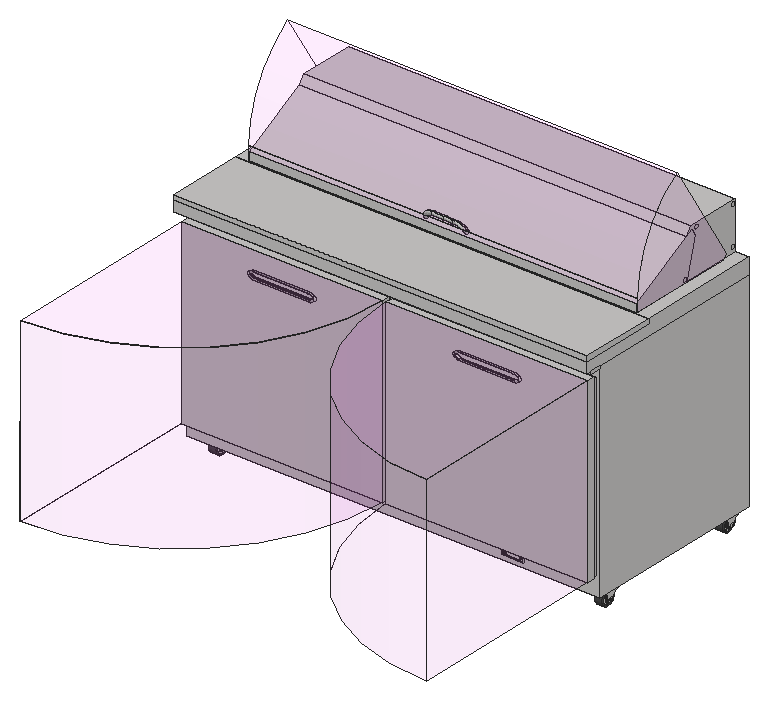
Revit family "QF_Kelvinator_738257_KCHST60.16", category Specialty Equipment, Revit 2021
Family settings
  Round Connector Dimension = Use Diameter
  Part Type = Normal
  Work Plane-Based = No
  Always vertical = Yes
  Cut with Voids When Loaded = No
  Shared = No
  Room Calculation Point = No
Parameters
  Weight in Pounds = 260.145
  Weight = 118.00 lbm
  Watts = 0 W
  Volts = 115 V
  URL Manufacturer = "KELVINATOR"
  URL Cutsheet = ""
  URL = "KELVINATOR"
  Specification by User = ""
  Specification by Manufacturer = ""
  Show Clearance [instance] = yes
  Serial Number = ""
  Seismic Rating = ""
  SMACNA No = ""
  Revision Code = ""
  Refrigerant Type = "R290"
  Phase = 1
  Number of Poles = 1
  NAFEM Spec ID Number = ""
  Model = "KCHST60.16"
  Min Ckt Ampacity = 0 A
  Max Overcurrent Protection = 0 A
  Masterspec = ""
  Manufacturer = "Kelvinator"
  Length Actual = 1555"
  Length = 61 1/4"
  Item Number = "738257"
  Installed By = ""
  Identify Quantity as Lot = yes
  Height Actual = 1100"
  Height = 43 5/16"
  HP = "1 HP"
  Gas KW = 0
  Furnished By = ""
  Foodservice Equipment Identifier = yes
  FL Amps = 4.3 A
  Electrical Remarks = ""
  Electric Connection Type = ""
  Elec Conn RI Height = 0"
  Elec Conn Connection Height = 0"
  Description = "2-DOOR SANDWICH/SALAD PREP TABLE 61\" LONG 16-1/6 PAN"
  Depth Actual = 760"
  Depth = 29 15/16"
  Default Elevation = 0"
  Cycle = 60 Hz
  Conn Plug = "5-15P"
  Conn Conduit = yes
  CSI MasterFormat = ""
  Apparent Power = 0 VA
  Accessory = no
Reference planes (in)
  plane 1 "BACK": y = 0
  plane 2: z = 0
  plane 3 "LEFT": x = 0
  plane 4 "RIGHT": x = 61.25
  plane 5 "FRONT": y = -29.9375
  plane 6 "TOP": z = 43.3125
  plane 7 "Center Y": x = 30.625
  plane 8 "Center X": y = -14.96875
Dimensions and locks (in)
  equal spacing: plane 3 "LEFT", plane 7 "Center Y", plane 4 "RIGHT"
  "Length": plane 3 "LEFT" to plane 4 "RIGHT"
  equal spacing: plane 5 "FRONT", plane 8 "Center X", plane 1 "BACK"
  "Depth": plane 5 "FRONT" to plane 1 "BACK"
  "Height": plane 6 "TOP" to level
  aligned and locked: level to plane 2
Nested families (in)
  nested 1: "KCHST" at (0, 0, 0), Show Clearance <- "Show Clearance", type "KCHST"
    with Show Clearance yes
Connectors (in)
  electrical at (30.595, -0.87772, 2.31881), driven by "Volts", driven by "Watts"
    settings: on nested 1, index 1, voltage 115 V, apparent load 0 VA, apparent load phase1 0 VA, apparent load phase2 0 VA, apparent load phase3 0 VA, power factor 1, load classification "Power", number of poles 1, system type 30, power factor state 1, is connector primary yes, connector utility no, sub classification motor no, connector description "Electrical Connection"
Definition of nested family "KCHST"
  Parameters (values of type "KCHST")
    Weight in Pounds = 0
    URL Cutsheet = ""
    Specification by User = ""
    Specification by Manufacturer = ""
    Show Clearance [instance] = yes
    Serial Number = ""
    Seismic Rating = ""
    SMACNA No = ""
    Revision Code = ""
    NAFEM Spec ID Number = ""
    Masterspec = ""
    Length = 61.22"
    Item Number = ""
    Installed By = ""
    Identify Quantity as Lot = yes
    Height = 43 5/16"
    Furnished By = ""
    Foodservice Equipment Identifier = yes
    Depth = 29.921"
    Default Elevation = 0"
    CSI MasterFormat = ""
  Reference planes (in)
    plane 1 "BACK": y = 0
    plane 2: z = 0
    plane 3 "LEFT": x = 0
    plane 4 "RIGHT": x = 61.22
    plane 5 "FRONT": y = -29.921
    plane 6 "TOP": z = 43.3125
    plane 7 "Center Y": x = 30.61
    plane 8 "Center X": y = -14.9605
    plane 9: z = 3.1
    plane 10: z = 33.9
    plane 11: y = -18.5
    plane 12: z = 36.2
    plane 13: y = -55.93472
    plane 14: y = -29.2
    plane 15: z = 32.4
    plane 16: z = 5.6
    plane 17: y = -27.5
    plane 18: x = 59.22
    plane 19: x = 2
    plane 20: x = 15.42351
    plane 21: x = 45.82976
    plane 22: x = 59.345
    plane 23: x = 1.875
    plane 24: x = 1.945
    plane 25: x = 59.275
    plane 26: x = 0.5
    plane 27: x = 60.72
    plane 28: x = 1.75
    plane 29: x = 59.47
  Forms (in)
    Extrusion 1, solid
      sketch origin (0, 0, 0) x (0, 1, 0) y (0, 0, 1)
        loop
          line (-27.5, 33.9) -> (-27.5, 3.1) -> (0, 3.1) -> (0, 33.9) -> (-27.5, 33.9)
      from 0 to 61.22
    Extrusion 2, solid
      sketch origin (0, 0, 0) x (0, 1, 0) y (0, 0, 1)
        loop
          line (-18.5, 36.2) -> (-18.5, 35.45) -> (-29.921, 35.45) -> (-29.921, 33.9) -> (0, 33.9) -> (0, 36.2) -> (-18.5, 36.2)
      from 0 to 61.22
    Extrusion 3, solid
      sketch origin (0, 0, 0) x (0, 1, 0) y (0, 0, 1)
        loop
          line (-29.921, 36.2) -> (-29.921, 35.45) -> (-18.5, 35.45) -> (-18.5, 36.2) -> (-29.921, 36.2)
      from 0 to 61.22
    Extrusion 4, solid
      sketch origin (0, 0, 0) x (0, 1, 0) y (0, 0, 1)
        loop
          line (-18.25, 36.2) -> (-9.64835, 36.2003)
          arc (-9.64835, 36.2003) -> (-9.30801, 36.30019) -> (-9.06407, 36.55768) r 0.68096
          line (-9.06407, 36.55768) -> (-7.6646, 41.90557) -> (-8.09711, 42.719) -> (-18.25, 37.32061) -> (-18.25, 36.2)
      from 1.875 to 59.345
    Extrusion 5, solid
      sketch origin (0, 0, 0) x (0, 1, 0) y (0, 0, 1)
        loop
          line (-9.64834, 36.2) -> (0, 36.2) -> (0, 43.3125) -> (-8.24175, 43.3125) -> (-8.9896, 42.24445) -> (-8.09711, 42.719) -> (-7.6646, 41.90557) -> (-9.06407, 36.55768)
          arc (-9.06407, 36.55768) -> (-9.30801, 36.30019) -> (-9.64834, 36.2) r 0.68096
      from 1.945 to 59.275
    Extrusion 6, solid
      sketch origin (59.345, 0, 0) x (0, 1, 0) y (0, 0, 1)
        loop
          circle (-9.51178, 36.72547) r 0.25
      from 0 to 0.07437
    Extrusion 7, solid
      sketch origin (59.275, -0.03482, 0) x (0, 1, 0) y (0, 0, 1)
        loop
          circle (-0.51178, 37.22547) r 0.25
      from 0 to 0.07
    Extrusion 8, solid
      sketch origin (59.275, -0.03482, 0) x (0, 1, 0) y (0, 0, 1)
        loop
          circle (-0.51178, 42.85047) r 0.25
      from 0 to 0.07
    Extrusion 9, solid
      sketch origin (59.275, -0.03482, 0) x (0, 1, 0) y (0, 0, 1)
        loop
          circle (-7.26178, 42.85047) r 0.25
      from 0 to 0.07
    Extrusion 10, solid
      sketch origin (1.875, 0, 0) x (0, -1, 0) y (0, 0, 1)
        loop
          circle (9.51178, 36.72547) r 0.25
      from 0 to 0.07437
    Extrusion 11, solid
      sketch origin (1.945, 0, 0) x (0, -1, 0) y (0, 0, 1)
        loop
          circle (0.5466, 37.22547) r 0.25
      from 0 to 0.07
    Extrusion 12, solid
      sketch origin (1.945, 0, 0) x (0, -1, 0) y (0, 0, 1)
        loop
          circle (0.5466, 42.85047) r 0.25
      from 0 to 0.07
    Extrusion 13, solid
      sketch origin (1.945, 0, 0) x (0, -1, 0) y (0, 0, 1)
        loop
          circle (7.2966, 42.85047) r 0.25
      from 0 to 0.07
    Sweep 14, solid
      path origin (0, 15.38088, 12.95025) x (1, 0, 0) y (0, -0.469472, 0.882948)
        loop
          line (28.2975, 37.02813) -> (28.2975, 37.18438)
          arc (28.2975, 37.18438) -> (28.51717, 37.71471) -> (29.0475, 37.93438) r 0.75
          line (29.0475, 37.93438) -> (30.9225, 37.93438) -> (32.1725, 37.93438)
          arc (32.1725, 37.93438) -> (32.70283, 37.71471) -> (32.9225, 37.18438) r 0.75
          line (32.9225, 37.18438) -> (32.9225, 37.02813)
      profile origin (31.5475, -2.42823, 46.44432) x (0, -0.469472, 0.882948) y (0, -0.882948, -0.469472)
        loop
          circle (0.69146, 17.59878) r 0.25
    Extrusion 15, solid
      sketch origin (0, 0, 0) x (0, 1, 0) y (0, 0, 1)
        loop
          line (-29.2, 33.9) -> (-29.2, 33.4) -> (-27.5, 33.4) -> (-27.5, 33.9) -> (-29.2, 33.9)
      from 0 to 61.22
    Extrusion 16, solid
      sketch origin (30.61, 6.90541, 48) x (0, 1, 0) y (0, 0, 1)
        loop
          line (-36.10541, -15.6) -> (-36.10541, -42.4) -> (-34.95211, -42.4) -> (-34.95211, -15.6) -> (-36.10541, -15.6)
      from -0.25 to -30.11
    Extrusion 17, solid
      sketch origin (0, 0, 0) x (0, 1, 0) y (0, 0, 1)
        loop
          line (-28.04671, 32.20449) -> (-28.04671, 5.81322) -> (-27.79671, 5.81322) -> (-27.79671, 32.20449) -> (-28.04671, 32.20449)
      from 0.74536 to 30.10166
    Extrusion 18, solid
      sketch origin (0, 0.25, 0) x (0, 1, 0) y (0, 0, 1)
        loop
          line (-28.04671, 32.20449) -> (-28.04671, 5.81322) -> (-27.864, 5.81322) -> (-27.864, 32.20449) -> (-28.04671, 32.20449)
      from 0.74536 to 30.10166
    Extrusion 19, solid
      sketch origin (0, 0.4327, 0) x (0, 1, 0) y (0, 0, 1)
        loop
          line (-28.04671, 32.20449) -> (-28.04671, 5.81322) -> (-27.9327, 5.81322) -> (-27.9327, 32.20449) -> (-28.04671, 32.20449)
      from 0.74536 to 30.10166
    Extrusion 20, solid
      sketch origin (-5.72957, -27.5, -4.77927) x (-1, 0, 0) y (0, 0, 1)
        loop
          line (-52.44258, 9.70772) -> (-55.59219, 9.70772) -> (-55.59219, 8.52662) -> (-52.44258, 8.52662) -> (-52.44258, 9.70772)
        loop
          line (-52.52132, 9.63107) -> (-52.91503, 9.63107) -> (-52.91503, 9.31193) -> (-52.52132, 9.31193) -> (-52.52132, 9.63107)
        loop
          line (-52.52132, 9.27674) -> (-52.91503, 9.27674) -> (-52.91503, 8.9576) -> (-52.52132, 8.9576) -> (-52.52132, 9.27674)
        loop
          line (-52.52132, 8.92241) -> (-52.91503, 8.92241) -> (-52.91503, 8.60327) -> (-52.52132, 8.60327) -> (-52.52132, 8.92241)
        loop
          line (-55.51345, 9.63107) -> (-55.51345, 9.31193) -> (-55.11975, 9.31193) -> (-55.11975, 9.63107) -> (-55.51345, 9.63107)
        loop
          line (-55.51345, 9.27674) -> (-55.51345, 8.9576) -> (-55.11975, 8.9576) -> (-55.11975, 9.27674) -> (-55.51345, 9.27674)
        loop
          line (-55.51345, 8.92241) -> (-55.51345, 8.60327) -> (-55.11975, 8.60327) -> (-55.11975, 8.92241) -> (-55.51345, 8.92241)
        loop
          line (-52.99251, 9.63107) -> (-55.04227, 9.63107) -> (-55.04227, 8.60716) -> (-52.99251, 8.60716) -> (-52.99251, 9.63107)
      from 0.07874 to -0.04602
    Extrusion 21, solid
      sketch origin (-5.72957, -27.54602, -4.77927) x (1, 0, 0) y (0, 0, 1)
        loop
          line (55.11975, 9.63107) -> (55.11975, 9.31193) -> (55.51345, 9.31193) -> (55.51345, 9.63107) -> (55.11975, 9.63107)
        loop
          line (55.11975, 9.27674) -> (55.11975, 8.9576) -> (55.51345, 8.9576) -> (55.51345, 9.27674) -> (55.11975, 9.27674)
        loop
          line (55.11975, 8.92241) -> (55.11975, 8.60327) -> (55.51345, 8.60327) -> (55.51345, 8.92241) -> (55.11975, 8.92241)
        loop
          line (52.91503, 9.63107) -> (52.52132, 9.63107) -> (52.52132, 9.31193) -> (52.91503, 9.31193) -> (52.91503, 9.63107)
        loop
          line (52.91503, 9.27674) -> (52.52132, 9.27674) -> (52.52132, 8.9576) -> (52.91503, 8.9576) -> (52.91503, 9.27674)
        loop
          line (52.91503, 8.92241) -> (52.52132, 8.92241) -> (52.52132, 8.60327) -> (52.91503, 8.60327) -> (52.91503, 8.92241)
      from 0 to -0.07874
    Extrusion 22, solid
      sketch origin (-5.72957, -27.54602, -4.77927) x (1, 0, 0) y (0, 0, 1)
        loop
          line (52.99251, 9.63107) -> (52.99251, 8.60716) -> (55.04227, 8.60716) -> (55.04227, 9.63107) -> (52.99251, 9.63107)
      from 0 to -0.07874
    Extrusion 23, void
      sketch origin (-5.72957, -27.5, -4.77927) x (-1, 0, 0) y (0, 0, 1)
        loop
          line (-52.44258, 9.70772) -> (-55.59219, 9.70772) -> (-55.59219, 8.52662) -> (-52.44258, 8.52662) -> (-52.44258, 9.70772)
      from 0 to 0.07874
    Extrusion 24, void
      sketch origin (-37.40318, -29.19996, 31.5181) x (0, 0, 1) y (1, 0, 0)
        loop
          line (-1.94791, 48.65169) -> (-1.94791, 57.00169) -> (-2.28604, 57.54269)
          arc (-2.28604, 57.54269) -> (-2.38541, 57.59777) -> (-2.48479, 57.54269) r 0.11719
          line (-2.48479, 57.54269) -> (-2.82291, 57.00169) -> (-2.82291, 48.65169) -> (-2.48621, 48.11297)
          arc (-2.48621, 48.11297) -> (-2.38541, 48.0571) -> (-2.28462, 48.11297) r 0.11887
          line (-2.28462, 48.11297) -> (-1.94791, 48.65169)
      from 0 to 0.31887
    Sweep 25, solid
      path origin (-37.40318, -26.39996, 31.5181) x (0, 0, -1) y (1, 0, 0)
        loop
          line (2.82291, 57.00169) -> (2.48479, 57.54269)
          arc (2.48479, 57.54269) -> (2.38541, 57.59777) -> (2.28604, 57.54269) r 0.11719
          line (2.28604, 57.54269) -> (1.94791, 57.00169) -> (1.94791, 48.65169) -> (2.28462, 48.11297)
          arc (2.28462, 48.11297) -> (2.38541, 48.0571) -> (2.48621, 48.11297) r 0.11887
          line (2.48621, 48.11297) -> (2.82291, 48.65169) -> (2.82291, 57.00169)
      profile origin (15.42351, -26.39996, 28.69519) x (0, 0, -1) y (0, -1, 0)
        loop
          line (0, 2.8) -> (0.25, 2.8)
          arc (0.25, 2.8) -> (0.125, 2.85269) -> (0, 2.8) r 0.17461
    Extrusion 26, solid
      sketch origin (-16.15625, -3.56521, 3.1) x (-1, 0, 0) y (0, 1, 0)
        loop
          circle (-46.75125, 2.68749) r 0.25
      from 0 to 0.78119
    Extrusion 27, solid
      sketch origin (30.61, 6.90541, 48) x (0, 1, 0) y (0, 0, -1)
        loop
          line (-36.10541, 15.6) -> (-34.95211, 15.6) -> (-34.95211, 42.4) -> (-36.10541, 42.4) -> (-36.10541, 15.6)
      from -0.25 to -30.11
    Extrusion 28, solid
      sketch origin (48.25, 0, 0) x (0, 1, 0) y (0, 0, -1)
        loop
          line (-28.04671, -32.20449) -> (-27.79671, -32.20449) -> (-27.79671, -5.81322) -> (-28.04671, -5.81322) -> (-28.04671, -32.20449)
      from -12.26316 to 17.10364
    Extrusion 29, solid
      sketch origin (48.25, 0.25, 0) x (0, 1, 0) y (0, 0, -1)
        loop
          line (-28.04671, -32.20449) -> (-27.864, -32.20449) -> (-27.864, -5.81322) -> (-28.04671, -5.81322) -> (-28.04671, -32.20449)
      from -12.5 to 17.10364
    Extrusion 30, solid
      sketch origin (48.25, 0.4327, 0) x (0, 1, 0) y (0, 0, -1)
        loop
          line (-28.04671, -32.20449) -> (-27.9327, -32.20449) -> (-27.9327, -5.81322) -> (-28.04671, -5.81322) -> (-28.04671, -32.20449)
      from -12.26316 to 17.10364
    Extrusion 31, void
      sketch origin (85.65318, -29.19996, 31.5181) x (0, 0, 1) y (1, 0, 0)
        loop
          line (-1.94791, -35.64842) -> (-2.28462, -35.1097)
          arc (-2.28462, -35.1097) -> (-2.38541, -35.05383) -> (-2.48621, -35.1097) r 0.11887
          line (-2.48621, -35.1097) -> (-2.82291, -35.64842) -> (-2.82291, -43.99842) -> (-2.48479, -44.53942)
          arc (-2.48479, -44.53942) -> (-2.38541, -44.5945) -> (-2.28604, -44.53942) r 0.11719
          line (-2.28604, -44.53942) -> (-1.94791, -43.99842) -> (-1.94791, -35.64842)
      from 0 to 0.31887
    Sweep 32, solid
      path origin (85.65318, -26.39996, 31.5181) x (0, 0, -1) y (1, 0, 0)
        loop
          line (2.82291, -43.99842) -> (2.82291, -35.64842) -> (2.48621, -35.1097)
          arc (2.48621, -35.1097) -> (2.38541, -35.05383) -> (2.28462, -35.1097) r 0.11887
          line (2.28462, -35.1097) -> (1.94791, -35.64842) -> (1.94791, -43.99842) -> (2.28604, -44.53942)
          arc (2.28604, -44.53942) -> (2.38541, -44.5945) -> (2.48479, -44.53942) r 0.11719
          line (2.48479, -44.53942) -> (2.82291, -43.99842)
      profile origin (45.82976, -26.39996, 28.69519) x (0, 0, 1) y (0, -1, 0)
        loop
          arc (0, 2.8) -> (-0.125, 2.85269) -> (-0.25, 2.8) r 0.17461
          line (-0.25, 2.8) -> (0, 2.8)
    Extrusion 33, solid
      sketch origin (1.875, -0.00825, 0) x (0, 1, 0) y (0, 0, -1)
        loop
          circle (-9.50353, -36.72547) r 0.25
      from 0 to 0.07437
    Extrusion 34, solid
      sketch origin (1.945, -0.03482, 0) x (0, 1, 0) y (0, 0, -1)
        loop
          circle (-0.51178, -37.22547) r 0.25
      from 0 to 0.07
    Extrusion 35, solid
      sketch origin (1.945, -0.03482, 0) x (0, 1, 0) y (0, 0, -1)
        loop
          circle (-0.51178, -42.85047) r 0.25
      from 0 to 0.07
    Extrusion 36, solid
      sketch origin (1.945, -0.03482, 0) x (0, 1, 0) y (0, 0, -1)
        loop
          circle (-7.26178, -42.85047) r 0.25
      from 0 to 0.07
    Extrusion 37, solid, visible <- "Show Clearance"
      sketch origin (0, 9.61225, 5.6) x (1, 0, 0) y (0, -1, 0)
        loop
          arc (30.36, 38.81225) -> (21.61421, 59.92646) -> (0.5, 68.67225) r 29.86
          line (0.5, 68.67225) -> (0.5, 38.81225) -> (30.36, 38.81225)
        loop
          line (30.86, 38.81225) -> (60.72, 38.81225) -> (60.72, 68.67225)
          arc (60.72, 68.67225) -> (39.60579, 59.92646) -> (30.86, 38.81225) r 29.86
      from 0 to -26.8
    Extrusion 38, solid, visible <- "Show Clearance"
      sketch origin (1.875, 0, 0) x (0, -1, 0) y (0, 0, 1)
        loop
          line (2.42198, 36.2) -> (18.25, 36.2) -> (18.25, 38.08871)
          arc (18.25, 38.08871) -> (16.30726, 45.77958) -> (10.94515, 51.62523) r 16.19461
          line (10.94515, 51.62523) -> (1.74821, 36.8283) -> (2.42198, 36.2)
      from 0.125 to -57.595
  Cuts and joins
    Extrusion 23 cuts Extrusion 20
    Extrusion 24, Extrusion 31 cuts Extrusion 16
    Extrusion 31 cuts Extrusion 27
    joined: Extrusion 4, Sweep 14
  Lines and regions (in)
    symbolic lines
      curve 1: line (61.25, -29.9375, 0) -> (61.25, 0, 0)
      curve 2: line (61.25, 0, 0) -> (0, 0, 0)
      curve 3: line (0, 0, 0) -> (0, -29.9375, 0)
      curve 4: line (0, -18.5, 0) -> (28.53832, -18.5, 0)
      curve 5: line (0, -29.9375, 0) -> (61.25, -29.9375, 0)
      curve 6: line (0, -18.25, 0) -> (27.80835, -18.25, 0)
      curve 7: line (1.945, -8.99785, 0) -> (59.305, -8.99785, 0)
      curve 8: line (1.945, -8.25, 0) -> (59.305, -8.25, 0)
      curve 9: line (59.305, -8.99785, 0) -> (59.305, 0, 0)
      curve 10: line (59.375, -9.26178, 0) -> (59.44937, -9.26178, 0)
      curve 11: line (59.375, -9.76178, 0) -> (59.44937, -9.76178, 0)
      curve 12: line (59.375, -7.67285, 0) -> (59.305, -7.67285, 0)
      curve 13: line (59.375, -8.10536, 0) -> (59.305, -8.10536, 0)
      curve 14: line (59.375, -7.51178, 0) -> (59.305, -7.51178, 0)
      curve 15: line (59.375, -7.01178, 0) -> (59.305, -7.01178, 0)
      curve 16: line (59.375, -0.76178, 0) -> (59.305, -0.76178, 0)
      curve 17: line (59.375, -0.26178, 0) -> (59.305, -0.26178, 0)
      curve 18: spline (27.37104, -17.62226, 0) -> (27.37956, -17.56513, 0) -> (27.40453, -17.51189, 0) -> (27.44426, -17.46617, 0) -> (27.49604, -17.43109, 0) -> (27.55634, -17.40904, 0) -> (27.62104, -17.40152, 0) -> (27.68575, -17.40904, 0) -> (27.74604, -17.43109, 0) -> (27.79782, -17.46617, 0) -> (27.83755, -17.51189, 0) -> (27.86252, -17.56513, 0) -> (27.87104, -17.62226, 0)
      curve 19: spline (33.37896, -17.62226, 0) -> (33.38748, -17.56513, 0) -> (33.41245, -17.51189, 0) -> (33.45218, -17.46617, 0) -> (33.50396, -17.43109, 0) -> (33.56425, -17.40904, 0) -> (33.62896, -17.40152, 0) -> (33.69366, -17.40904, 0) -> (33.75396, -17.43109, 0) -> (33.80574, -17.46617, 0) -> (33.84547, -17.51189, 0) -> (33.87044, -17.56513, 0) -> (33.87896, -17.62226, 0)
      curve 20: line (30.625, -18.0415, 0) -> (32.24335, -18.0415, 0)
      curve 21: line (30.625, -18.53489, 0) -> (32.375, -18.53489, 0)
      curve 22: line (33.87896, -17.62226, 0) -> (33.87896, -17.65335, 0)
      curve 23: line (33.37896, -17.62226, 0) -> (33.37896, -17.65335, 0)
      curve 24: arc (33.37896, -17.65335, 0) -> (33.14546, -17.84879, 0) -> (32.85946, -17.95329, 0) r 0.88295
      curve 25: arc (33.87896, -17.65335, 0) -> (33.82166, -17.868, 0) -> (33.69407, -18.04986, 0) r 0.63628
      curve 26: arc (32.85946, -17.95329, 0) -> (32.55454, -18.01934, 0) -> (32.24335, -18.0415, 0) r 2.19561
      curve 27: arc (33.69407, -18.04986, 0) -> (33.44314, -18.24907, 0) -> (33.1541, -18.38727, 0) r 1.4269
      curve 28: arc (33.1541, -18.38727, 0) -> (32.76996, -18.48961, 0) -> (32.375, -18.53489, 0) r 2.72085
      curve 29: line (30.625, -18.0415, 0) -> (29.00665, -18.0415, 0)
      curve 30: line (30.625, -18.53489, 0) -> (28.875, -18.53489, 0)
      curve 31: line (27.37104, -17.62226, 0) -> (27.37104, -17.65335, 0)
      curve 32: line (27.87104, -17.62226, 0) -> (27.87104, -17.65335, 0)
      curve 33: arc (27.87104, -17.65335, 0) -> (28.10454, -17.84879, 0) -> (28.39054, -17.95329, 0) r 0.88295
      curve 34: arc (27.37104, -17.65335, 0) -> (27.42834, -17.868, 0) -> (27.55593, -18.04986, 0) r 0.63628
      curve 35: arc (28.39054, -17.95329, 0) -> (28.69546, -18.01934, 0) -> (29.00665, -18.0415, 0) r 2.19561
      curve 36: arc (27.55593, -18.04986, 0) -> (27.80686, -18.24907, 0) -> (28.0959, -18.38727, 0) r 1.4269
      curve 37: arc (28.0959, -18.38727, 0) -> (28.48004, -18.48961, 0) -> (28.875, -18.53489, 0) r 2.72085
      curve 38: line (33.44165, -18.25, 0) -> (61.25, -18.25, 0)
      curve 39: line (32.71168, -18.5, 0) -> (61.25, -18.5, 0)
      curve 40: line (59.375, -7.01178, 0) -> (59.375, -7.51178, 0)
      curve 41: line (59.375, -7.67285, 0) -> (59.375, -18.25, 0)
      curve 42: line (59.44937, -9.26178, 0) -> (59.44937, -9.76178, 0)
      curve 43: line (59.375, -0.76178, 0) -> (59.375, -0.26178, 0)
      curve 44: line (1.945, -8.99785, 0) -> (1.945, 0, 0)
      curve 45: line (1.875, -9.26178, 0) -> (1.80063, -9.26178, 0)
      curve 46: line (1.875, -9.76178, 0) -> (1.80063, -9.76178, 0)
      curve 47: line (1.875, -7.67285, 0) -> (1.945, -7.67285, 0)
      curve 48: line (1.875, -8.10536, 0) -> (1.945, -8.10536, 0)
      curve 49: line (1.875, -7.5466, 0) -> (1.945, -7.5466, 0)
      curve 50: line (1.875, -7.01178, 0) -> (1.945, -7.01178, 0)
      curve 51: line (1.875, -0.7966, 0) -> (1.945, -0.7966, 0)
      curve 52: line (1.875, -0.26178, 0) -> (1.945, -0.26178, 0)
      curve 53: line (1.875, -7.0466, 0) -> (1.875, -7.5466, 0)
      curve 54: line (1.875, -7.67285, 0) -> (1.875, -18.25, 0)
      curve 55: line (1.80063, -9.26178, 0) -> (1.80063, -9.76178, 0)
      curve 56: line (1.875, -0.76178, 0) -> (1.875, -0.26178, 0)
    symbolic lines, visible <- "Show Clearance"
      curve 57: arc (30.3659, -29.9375, 0) -> (29.17129, -37.59482, 0) -> (26.04725, -44.68721, 0) r 29.875
      curve 58: arc (35.20275, -44.68721, 0) -> (32.07871, -37.59482, 0) -> (30.8841, -29.9375, 0) r 29.875
      curve 59: line (0.5, -29.9375, 0) -> (26.04725, -44.68721, 0)
      curve 60: line (60.75, -29.9375, 0) -> (35.20275, -44.68721, 0)
  Dimensions and locks (in)
    equal spacing: plane 3 "LEFT", plane 7 "Center Y", plane 4 "RIGHT"
    "Length": plane 3 "LEFT" to plane 4 "RIGHT"
    equal spacing: plane 5 "FRONT", plane 8 "Center X", plane 1 "BACK"
    "Depth": plane 5 "FRONT" to plane 1 "BACK"
    "Height": plane 6 "TOP" to level
    level to plane 9 = 3.1"
    plane 10 to plane 9 = 30.8"
    plane 6 "TOP" to plane 10 = 9.4125"
    plane 5 "FRONT" to plane 1 "BACK" = 29.921"
    plane 11 to plane 1 "BACK" = 18 1/2"
    plane 10 to plane 12 = 2.3"
    plane 13 to plane 1 "BACK" = 55.93472"
    plane 16 to plane 15 = 26.8"
    locked: plane 4 "RIGHT" to plane 18 at 2
    locked: plane 3 "LEFT" to plane 19 at 2
    plane 23 to plane 22 = 57.47"
    locked: plane 4 "RIGHT" to plane 22 at 1.875
    locked: plane 3 "LEFT" to plane 23 at 1.875
    locked: plane 26 to plane 3 "LEFT" at 0.5
    locked: plane 27 to plane 4 "RIGHT" at 0.5
    locked: plane 22 to plane 25 at 0.07
    plane 3 "LEFT" to plane 4 "RIGHT" = 61.22"
    plane 28 to Extrusion 38 = 0"
    aligned and locked: level to plane 2
    aligned and locked: plane 18 to nested 3
    aligned and locked: plane 18 to nested 1
    aligned and locked: nested 4 to plane 19
    aligned and locked: nested 2 to plane 19
    aligned and locked: Extrusion 1 to plane 4 "RIGHT"
    aligned and locked: Extrusion 2 to plane 4 "RIGHT"
    aligned and locked: Extrusion 15 to plane 4 "RIGHT"
    aligned and locked: Extrusion 3 to plane 4 "RIGHT"
    aligned and locked: cut or joined group of Extrusion 4, Sweep 14 to plane 22
    aligned and locked: plane 23 to cut or joined group of Extrusion 4, Sweep 14
    aligned and locked: plane 24 to Extrusion 5
    aligned and locked: Extrusion 5 to plane 25
    aligned and locked: cut or joined group of Extrusion 16, Extrusion 24, Extrusion 31 to plane 26
    aligned and locked: plane 26 to cut or joined group of Extrusion 16, Extrusion 24, Extrusion 31
    aligned and locked: cut or joined group of Extrusion 27, Extrusion 31 to plane 27
    aligned and locked: plane 27 to cut or joined group of Extrusion 27, Extrusion 31
  Automatic sketch dimensions
    plane 9 to Extrusion 1 sketch curve = 0"
    Extrusion 1 sketch curve to plane 17 = 0"
    Extrusion 1 sketch curve to plane 1 "BACK" = 0"
    Extrusion 1 sketch curve to plane 10 = 0"
    Extrusion 2 sketch curve to plane 5 "FRONT" = 0"
    Extrusion 2 sketch curve to plane 11 = 0"
    Extrusion 2 sketch curve to plane 1 "BACK" = 0"
    Extrusion 2 sketch curve to plane 10 = 0"
    plane 12 to Extrusion 2 sketch curve = 0"
    plane 12 to Extrusion 2 sketch curve = 3/4"
    Extrusion 3 sketch curve to plane 5 "FRONT" = 0"
    Extrusion 3 sketch curve to plane 11 = 0"
    plane 12 to Extrusion 3 sketch curve = 0"
    plane 12 to Extrusion 3 sketch curve = 3/4"
    plane 12 to Extrusion 4 sketch curve = 0"
    Extrusion 4 sketch curve to plane 11 = 1/4"
    Extrusion 4 sketch curve to plane 12 = 0.6811"
    plane 8 "Center X" to Extrusion 4 sketch curve = 5.29717"
    Extrusion 4 sketch curve to plane 12 = 0.35768"
    Extrusion 4 sketch curve to Extrusion 4 sketch curve = 0.59925"
    Extrusion 4 sketch curve to plane 6 "TOP" = 0.5935"
    Extrusion 4 sketch curve to Extrusion 4 sketch curve = 1.56621"
    Extrusion 4 sketch curve to plane 6 "TOP" = 1.40693"
    Extrusion 4 sketch curve to Extrusion 4 sketch curve = 0.43251"
    Extrusion 4 sketch curve to plane 12 = 0.0003"
    Extrusion 4 sketch curve to Extrusion 4 sketch curve = 0"
    plane 12 to Extrusion 5 sketch curve = 0"
    Extrusion 5 sketch curve to plane 6 "TOP" = 0"
    Extrusion 5 sketch curve to plane 1 "BACK" = 0"
    Extrusion 5 sketch curve to plane 6 "TOP" = 1.40693"
    plane 8 "Center X" to Extrusion 5 sketch curve = 7.2959"
    Extrusion 5 sketch curve to plane 6 "TOP" = 0.5935"
    Extrusion 5 sketch curve to Extrusion 5 sketch curve = 0.43251"
    Extrusion 5 sketch curve to Extrusion 5 sketch curve = 0.14464"
    Extrusion 5 sketch curve to plane 6 "TOP" = 1.06805"
    Extrusion 5 sketch curve to plane 12 = 0.35768"
    Extrusion 5 sketch curve to Extrusion 5 sketch curve = 1.39947"
    Extrusion 5 sketch curve to Extrusion 5 sketch curve = 0.59925"
    Extrusion 5 sketch curve to Extrusion 5 sketch curve = 0.32342"
    Extrusion 5 sketch curve to Extrusion 5 sketch curve = 0.01499"
    Extrusion 5 sketch curve to plane 12 = 0.0003"
    Extrusion 15 sketch curve to plane 10 = 0"
    Extrusion 15 sketch curve to plane 14 = 0"
    Extrusion 15 sketch curve to plane 17 = 0"
    Extrusion 15 sketch curve to Extrusion 15 sketch curve = 1/2"
    Extrusion 16 sketch curve to plane 14 = 0"
    plane 16 to Extrusion 16 sketch curve = 0"
    plane 15 to Extrusion 16 sketch curve = 0"
    Extrusion 16 sketch curve to plane 17 = 0.54671"
    Extrusion 17 sketch curve to plane 16 = 0.21322"
    Extrusion 17 sketch curve to plane 17 = 0.54671"
    Extrusion 17 sketch curve to Extrusion 17 sketch curve = 1/4"
    plane 15 to Extrusion 17 sketch curve = 0.19551"
    Extrusion 18 sketch curve to plane 17 = 0.29671"
    Extrusion 18 sketch curve to plane 17 = 0.114"
    Extrusion 18 sketch curve to plane 16 = 0.21322"
    plane 15 to Extrusion 18 sketch curve = 0.19551"
    Extrusion 19 sketch curve to plane 17 = 0"
    Extrusion 19 sketch curve to Extrusion 19 sketch curve = 0.114"
    Extrusion 19 sketch curve to plane 16 = 0.21322"
    plane 15 to Extrusion 19 sketch curve = 0.19551"
    plane 16 to Extrusion 20 sketch curve = 0.67154"
    Extrusion 20 sketch curve to plane 21 = 4.03286"
    Extrusion 20 sketch curve to Extrusion 20 sketch curve = 0.07874"  (x3)
    Extrusion 20 sketch curve to Extrusion 20 sketch curve = 0"  (x8)
    Extrusion 20 sketch curve to Extrusion 20 sketch curve = 0.3937"  (x2)
    Extrusion 20 sketch curve to Extrusion 20 sketch curve = 0.07748"  (x3)
    Extrusion 20 sketch curve to plane 21 = 1.43318"
    Extrusion 20 sketch curve to Extrusion 20 sketch curve = 0.07665"  (x2)
    Extrusion 20 sketch curve to Extrusion 20 sketch curve = 0.31914"  (x6)
    Extrusion 20 sketch curve to Extrusion 20 sketch curve = 0.03519"  (x4)
    Extrusion 20 sketch curve to Extrusion 20 sketch curve = 0.31525"
    Extrusion 20 to Extrusion 21 sketch curve = 0"  (x10)
    Extrusion 21 sketch curve to Extrusion 20 = 0"  (x14)
    Extrusion 22 sketch curve to Extrusion 20 = 0"  (x3)
    Extrusion 20 to Extrusion 22 sketch curve = 0"
    plane 16 to Extrusion 23 sketch curve = 0.67154"
    Extrusion 23 sketch curve to plane 21 = 4.03286"
    Extrusion 23 sketch curve to plane 21 = 0.88326"
    Extrusion 23 sketch curve to plane 9 = 0.64735"
    plane 15 to Extrusion 24 sketch curve = 3.70481"
    Extrusion 24 sketch curve to Extrusion 24 sketch curve = 0.3367"
    Extrusion 24 sketch curve to Extrusion 24 sketch curve = 0.33813"  (x2)
    Extrusion 24 sketch curve to Extrusion 24 sketch curve = 0.09937"  (x2)
    Extrusion 24 sketch curve to Extrusion 24 sketch curve = 0.1008"  (x2)
    Extrusion 24 sketch curve to plane 20 = 4.71372"
    Extrusion 24 sketch curve to Extrusion 24 sketch curve = 0.063"
    Extrusion 24 sketch curve to Extrusion 24 sketch curve = 0.53872"  (x2)
    plane 20 to Extrusion 24 sketch curve = 4.175"
    Extrusion 24 sketch curve to Extrusion 24 sketch curve = 0"
    Extrusion 24 sketch curve to Extrusion 24 sketch curve = 0.47889"
    Extrusion 24 sketch curve to Extrusion 24 sketch curve = 0.06211"
    plane 15 to Sweep 25 sketch curve = 2.82981"
    Sweep 25 sketch curve to Sweep 25 sketch curve = 0.3367"
    Sweep 25 sketch curve to Sweep 25 sketch curve = 0.33813"  (x2)
    Sweep 25 sketch curve to Sweep 25 sketch curve = 0.09937"  (x2)
    Sweep 25 sketch curve to Sweep 25 sketch curve = 0.1008"  (x2)
    Sweep 25 sketch curve to plane 20 = 4.71372"
    Sweep 25 sketch curve to Sweep 25 sketch curve = 0.063"
    Sweep 25 sketch curve to Sweep 25 sketch curve = 0.53872"  (x2)
    plane 20 to Sweep 25 sketch curve = 4.175"
    Sweep 25 sketch curve to Sweep 25 sketch curve = 0"
    Sweep 25 sketch curve to Sweep 25 sketch curve = 0.47889"
    Sweep 25 sketch curve to Sweep 25 sketch curve = 0.06211"
    Sweep 25 sketch curve to profile plane = 0"
    Sweep 25 sketch curve to profile plane = 1/8"
    profile plane to Sweep 25 sketch curve = 2.67809"
    Sweep 25 sketch curve to Sweep 25 sketch curve = 0.12191"
    Extrusion 27 sketch curve to plane 14 = 0"
    plane 16 to Extrusion 27 sketch curve = 0"
    plane 15 to Extrusion 27 sketch curve = 0"
    Extrusion 27 sketch curve to plane 17 = 0.54671"
    Extrusion 28 sketch curve to plane 16 = 0.21322"
    Extrusion 28 sketch curve to plane 17 = 0.54671"
    Extrusion 28 sketch curve to Extrusion 28 sketch curve = 1/4"
    plane 15 to Extrusion 28 sketch curve = 0.19551"
    Extrusion 29 sketch curve to plane 17 = 0.29671"
    Extrusion 29 sketch curve to plane 17 = 0.114"
    plane 15 to Extrusion 29 sketch curve = 0.19551"
    Extrusion 29 sketch curve to plane 16 = 0.21322"
    Extrusion 30 sketch curve to plane 17 = 0"
    Extrusion 30 sketch curve to Extrusion 30 sketch curve = 0.114"
    plane 15 to Extrusion 30 sketch curve = 0.19551"
    Extrusion 30 sketch curve to plane 16 = 0.21322"
    plane 15 to Extrusion 31 sketch curve = 3.70481"
    Extrusion 31 sketch curve to Extrusion 31 sketch curve = 0.3367"
    Extrusion 31 sketch curve to Extrusion 31 sketch curve = 0.33813"  (x2)
    Extrusion 31 sketch curve to Extrusion 31 sketch curve = 0.09937"  (x2)
    Extrusion 31 sketch curve to Extrusion 31 sketch curve = 0.1008"  (x2)
    plane 21 to Extrusion 31 sketch curve = 4.716"
    Extrusion 31 sketch curve to Extrusion 31 sketch curve = 0.06211"
    Extrusion 31 sketch curve to Extrusion 31 sketch curve = 0.541"  (x2)
    Extrusion 31 sketch curve to plane 21 = 4.175"
    Extrusion 31 sketch curve to Extrusion 31 sketch curve = 0"
    Extrusion 31 sketch curve to Extrusion 31 sketch curve = 0.47572"
    Extrusion 31 sketch curve to Extrusion 31 sketch curve = 0.063"
    plane 15 to Sweep 32 sketch curve = 2.82981"
    Sweep 32 sketch curve to Sweep 32 sketch curve = 0.3367"
    Sweep 32 sketch curve to Sweep 32 sketch curve = 0.33813"  (x2)
    Sweep 32 sketch curve to Sweep 32 sketch curve = 0.09937"  (x2)
    Sweep 32 sketch curve to Sweep 32 sketch curve = 0.1008"  (x2)
    plane 21 to Sweep 32 sketch curve = 4.716"
    Sweep 32 sketch curve to Sweep 32 sketch curve = 0.06211"
    Sweep 32 sketch curve to Sweep 32 sketch curve = 0.541"  (x2)
    Sweep 32 sketch curve to plane 21 = 4.175"
    Sweep 32 sketch curve to Sweep 32 sketch curve = 0"
    Sweep 32 sketch curve to Sweep 32 sketch curve = 0.47572"
    Sweep 32 sketch curve to Sweep 32 sketch curve = 0.063"
    profile plane to Sweep 32 sketch curve = 0"
    profile plane to Sweep 32 sketch curve = 1/8"
    profile plane to Sweep 32 sketch curve = 2.67809"
    Sweep 32 sketch curve to Sweep 32 sketch curve = 0.12191"
    Extrusion 33 sketch curve to plane 12 = 0.52547"
    plane 8 "Center X" to Extrusion 33 sketch curve = 5.44872"
    plane 1 "BACK" to Extrusion 34 sketch curve = 0.5466"
    Extrusion 34 sketch curve to plane 12 = 1.02547"
    plane 1 "BACK" to Extrusion 35 sketch curve = 0.5466"
    Extrusion 35 sketch curve to plane 6 "TOP" = 0.46203"
    Extrusion 36 sketch curve to plane 6 "TOP" = 0.46203"
    plane 1 "BACK" to Extrusion 36 sketch curve = 7.2966"
    Extrusion 6 sketch curve to Extrusion 4 = 0.52547"
    Extrusion 6 sketch curve to Extrusion 4 = 8.73822"
    Extrusion 7 sketch curve to Extrusion 5 = 0.5466"
    Extrusion 7 sketch curve to Extrusion 5 = 1.02547"
    Extrusion 8 sketch curve to Extrusion 5 = 0.5466"
    Extrusion 8 sketch curve to Extrusion 5 = 0.46203"
    Extrusion 9 sketch curve to Extrusion 5 = 0.46203"
    Extrusion 9 sketch curve to Extrusion 5 = 7.2966"
    Extrusion 10 sketch curve to Extrusion 4 = 0.52547"
    Extrusion 10 sketch curve to Extrusion 4 = 8.73822"
    Extrusion 11 sketch curve to Extrusion 5 = 0.5466"
    Extrusion 11 sketch curve to Extrusion 5 = 1.02547"
    Extrusion 12 sketch curve to Extrusion 5 = 0.5466"
    Extrusion 12 sketch curve to Extrusion 5 = 0.46203"
    Extrusion 13 sketch curve to Extrusion 5 = 0.46203"
    Extrusion 13 sketch curve to Extrusion 5 = 7.2966"
    Sweep 14 sketch curve to plane 7 "Center Y" = 2 5/16"
    Sweep 14 sketch curve to Sweep 14 sketch curve = 3/4"  (x2)
    plane 7 "Center Y" to Sweep 14 sketch curve = 5/16"
    Sweep 14 sketch curve to Sweep 14 sketch curve = 1 1/4"
    Sweep 14 sketch curve to Sweep 14 sketch curve = 5/32"  (x2)
    Sweep 14 sketch curve to profile plane = 0.69146"
    profile plane to Sweep 14 sketch curve = 17.59878"
    Extrusion 1 to Extrusion 26 sketch curve = 0.87772"
    Extrusion 26 sketch curve to Extrusion 1 = 30 5/8"
    Extrusion 37 sketch curve to plane 14 = 0"  (x2)
    Extrusion 37 sketch curve to plane 26 = 0"
    Extrusion 37 sketch curve to plane 27 = 0"
    Extrusion 37 sketch curve to plane 7 "Center Y" = 1/4"
    plane 7 "Center Y" to Extrusion 37 sketch curve = 1/4"
    curve 6 to plane 3 "LEFT" = 0"
    curve 57 to plane 14 = 0"
    curve 57 to plane 26 = 0"
    curve 59 to plane 26 = 0"
    curve 51 to plane 23 = 0"
    curve 45 to plane 23 = 0"
    curve 52 to plane 23 = 0"
    curve 49 to plane 23 = 0"
    curve 50 to plane 23 = 0"
    curve 52 to plane 24 = 0"
    plane 11 to curve 4 = 0"
    plane 11 to curve 39 = 0"
    plane 1 "BACK" to curve 9 = 0"
    curve 58 to plane 14 = 0"
    plane 23 to curve 46 = 0.07437"
    curve 59 to plane 7 "Center Y" = 4.56275"
    curve 31 to plane 11 = 0.87774"
    curve 31 to plane 7 "Center Y" = 3.23896"
    curve 18 to curve 32 = 1/2"
    curve 18 to curve 34 = 0.13396"
    curve 34 to curve 33 = 0.54101"
    curve 33 to curve 36 = 0.01698"
    plane 11 to curve 30 = 0.03489"
    curve 34 to curve 30 = 0.87"
    curve 37 to plane 8 "Center X" = 0.85583"
    curve 36 to curve 37 = 0.42358"
    curve 37 to curve 29 = 0.13165"
    plane 7 "Center Y" to curve 30 = 0.015"
    plane 7 "Center Y" to curve 29 = 0.015"
    curve 20 to plane 11 = 0.4585"
    curve 20 to curve 20 = 1.61835"
    curve 26 to curve 28 = 0.02008"
    curve 20 to curve 21 = 0.13165"
    curve 20 to curve 27 = 0.44366"
    curve 27 to curve 24 = 0.01698"
    curve 24 to curve 25 = 0.54101"
    curve 25 to curve 23 = 0.13396"
    curve 24 to curve 22 = 1/2"
    plane 7 "Center Y" to curve 60 = 4.59275"
    plane 25 to curve 7 = 0.03"
    plane 22 to curve 40 = 0.03"
    plane 22 to curve 17 = 0.03"
    plane 22 to curve 41 = 0.03"
    curve 10 to curve 10 = 0.07437"
    curve 58 to plane 27 = 0.03"
    curve 5 to plane 4 "RIGHT" = 0.03"
    plane 5 "FRONT" to curve 1 = 0.0165"
    curve 60 to plane 13 = 11.24751"
    curve 59 to curve 58 = 0"
    curve 39 to curve 23 = 0.84665"
    curve 31 to curve 18 = 0.03109"
    curve 24 to curve 22 = 0"
    curve 32 to curve 18 = 0.03109"
    curve 24 to curve 23 = 0.03109"
    curve 19 to curve 25 = 0.02317"
    curve 18 to curve 34 = 0.02317"
    curve 25 to curve 24 = 0.51496"
    curve 34 to curve 33 = 0.51496"
    curve 24 to curve 27 = 0.04514"
    curve 33 to curve 36 = 0.04514"
    curve 35 to curve 37 = 0.02957"
    curve 26 to plane 8 "Center X" = 0.88539"
    curve 26 to curve 28 = 0.02957"
    plane 8 "Center X" to curve 46 = 5.19872"
    plane 8 "Center X" to curve 42 = 5.19872"
    curve 11 to curve 42 = 1/2"
    curve 46 to curve 45 = 1/2"
    curve 45 to curve 44 = 0.26393"
    curve 7 to curve 12 = 1.325"
    curve 7 to curve 54 = 1.325"
    curve 47 to curve 53 = 0.12625"
    curve 12 to curve 40 = 0.16107"
    curve 14 to curve 40 = 1/2"
    plane 1 "BACK" to curve 43 = 0.76178"
    plane 1 "BACK" to curve 17 = 0.26178"
    plane 1 "BACK" to curve 56 = 0.26178"
    curve 36 to curve 34 = 0"
    curve 6 to plane 11 = 1/4"
    curve 27 to curve 28 = 0"
    curve 38 to plane 11 = 1/4"
    curve 60 to plane 27 = 0.03"
    curve 8 to curve 47 = 0.57715"
    curve 8 to curve 13 = 0.14464"
    curve 8 to curve 48 = 0.14464"
    curve 49 to curve 53 = 1/2"
    curve 53 to curve 50 = 0.03482"
    curve 51 to curve 52 = 0.53482"
    curve 51 to curve 56 = 0.03482"
    Extrusion 38 sketch curve to Extrusion 4 = 0"  (x2)
    Extrusion 4 to Extrusion 38 sketch curve = 7.30485"
    Extrusion 4 to Extrusion 38 sketch curve = 15.82802"
    Extrusion 38 sketch curve to Extrusion 38 sketch curve = 0.3666"
    Extrusion 4 to Extrusion 38 sketch curve = 0.6283"
    Extrusion 38 sketch curve to Extrusion 38 sketch curve = 0.67377"
    Extrusion 38 sketch curve to Extrusion 38 sketch curve = 1.2604"
    radius of Extrusion 33 sketch curve = 1/4"
    radius of Extrusion 34 sketch curve = 1/4"
    radius of Extrusion 35 sketch curve = 1/4"
    radius of Extrusion 36 sketch curve = 1/4"
    radius of Extrusion 6 sketch curve = 1/4"
    radius of Extrusion 7 sketch curve = 1/4"
    radius of Extrusion 8 sketch curve = 1/4"
    radius of Extrusion 9 sketch curve = 1/4"
    radius of Extrusion 10 sketch curve = 1/4"
    radius of Extrusion 11 sketch curve = 1/4"
    radius of Extrusion 12 sketch curve = 1/4"
    radius of Extrusion 13 sketch curve = 1/4"
    radius of Sweep 14 sketch curve = 1/4"
    radius of Extrusion 26 sketch curve = 1/4"
  Nested families (in)
    nested 1: "3 INCHES 01_CASTER" at (59.22, -24.75, 0), type "3 INCHES 01_CASTER"
      with Type Mark "", Specification by User "", Revision Code "", Item Number "", Installed By "", Identify Quantity as Lot yes, Furnished By "", Foodservice Equipment Identifier yes, 3 Inches Caster yes
    nested 2: "3 INCHES 01_CASTER" at (2, -24.75, 0), type "3 INCHES 01_CASTER"
      with Type Mark "", Specification by User "", Revision Code "", Item Number "", Installed By "", Identify Quantity as Lot yes, Furnished By "", Foodservice Equipment Identifier yes, 3 Inches Caster yes
    nested 3: "3 INCHES 01_CASTER" at (59.22, -2.375, 0), type "3 INCHES 01_CASTER"
      with Type Mark "", Specification by User "", Revision Code "", Item Number "", Installed By "", Identify Quantity as Lot yes, Furnished By "", Foodservice Equipment Identifier yes, 3 Inches Caster yes
    nested 4: "3 INCHES 01_CASTER" at (2, -2.375, 0), type "3 INCHES 01_CASTER"
      with Type Mark "", Specification by User "", Revision Code "", Item Number "", Installed By "", Identify Quantity as Lot yes, Furnished By "", Foodservice Equipment Identifier yes, 3 Inches Caster yes
  Definition of nested family "3 INCHES 01_CASTER"
    Parameters (values of type "3 INCHES 01_CASTER")
      Weight = ""
      URL Manufacturer = ""
      URL Cutsheet = ""
      URL = ""
      Type Mark [instance] = ""
      Specification by User [instance] = ""
      Specification by Manufacturer = ""
      Serial Number = ""
      Seismic Rating = ""
      SMACNA No = ""
      Revision Code [instance] = ""
      Omniclass Number and Title = ""
      NAFEM Spec ID Number = ""
      Model = ""
      MasterSpec. = ""
      Manufacturer = ""
      Item Number [instance] = ""
      Installed By [instance] = ""
      Identify Quantity as Lot [instance] = yes
      Furnished By [instance] = ""
      Foodservice Equipment Identifier [instance] = yes
      Description = ""
      Default Elevation = 0"
      CSI MasterFormat = ""
      CSI Master Format = ""
      Assembly Code = ""
      3 Inches Caster [instance] = yes
    Reference planes (in)
      plane 1: z = 0
      plane 2 "RIGHT": x = 0
      plane 3 "FRONT": y = 0
      plane 4 "TOP": z = 3.1
    Forms (in)
      Revolve 1, solid, visible <- "3 Inches Caster"
        sketch origin (-1.93794, 0.56004, -1.0041) x (1, 0, 0) y (0, 0, 1)
          loop
            line (0.74055, 2.11347) -> (0.74055, 2.03797) -> (0.79055, 1.98797) -> (0.85055, 1.98797) -> (0.85055, 1.8679) -> (1.235, 1.8679) -> (1.235, 1.7068) -> (1.36441, 1.63209) -> (1.4003, 1.41035) -> (1.34375, 1.41035) -> (1.34375, 1.28535) -> (1.375, 1.28535) -> (1.375, 1.0041) -> (2.48438, 1.0041) -> (2.48438, 1.28535) -> (2.51563, 1.28535) -> (2.51563, 1.41035) -> (2.45908, 1.41035) -> (2.49553, 1.6356) -> (2.62438, 1.70999) -> (2.62438, 1.8679) -> (3.04007, 1.8679) -> (3.04007, 1.98797) -> (3.10007, 1.98797) -> (3.15007, 2.03797) -> (3.15007, 2.11347) -> (0.74055, 2.11347)
          axis (0.74055, 2.11347) -> (3.15007, 2.11347)
        angle from 0 to 360
      Extrusion 2, solid, visible <- "3 Inches Caster"
        sketch origin (-1.93794, 1.35294, -3.2541) x (0, 1, 0) y (0, 0, 1)
          loop
            line (-0.41094, 5.86793) -> (-0.41094, 6.01276) -> (-2.29494, 6.01276) -> (-2.29494, 5.71244) -> (-1.82301, 5.71244)
            arc (-1.82301, 5.71244) -> (-1.00307, 5.59865) -> (-0.19592, 5.41488) r 9.6332
            arc (-0.19592, 5.41488) -> (0.12646, 5.29481) -> (0.42224, 5.11916) r 1.92059
            line (0.42224, 5.11916) -> (0.51314, 5.245)
            arc (0.51314, 5.245) -> (0.27353, 5.42569) -> (0.01201, 5.5729) r 2.25036
            line (0.01201, 5.5729) -> (0.09371, 5.71426)
            arc (0.09371, 5.71426) -> (-0.15272, 5.81043) -> (-0.41094, 5.86793) r 1.73151
        from 1.17357 to 2.70231
      Revolve 3, solid, visible <- "3 Inches Caster"
        sketch origin (0, 1.73858, -3.25) x (0, 1, 0) y (0, 0, 1)
          loop
            line (-1.73858, 6.35) -> (-1.73858, 6.00866) -> (-0.93293, 6.00866) -> (-0.93293, 6.35) -> (-1.73858, 6.35)
          axis (-1.73858, 6.00866) -> (-1.73858, 6.35)
        angle from 0 to 360
      Extrusion 4, solid, visible <- "3 Inches Caster"
        sketch origin (-1.98481, 1.35294, -1.7541) x (0, 1, 0) y (0, 0, 1)
          loop
            line (-2.29494, 4.51276) -> (-2.29494, 4.21244) -> (-2.2074, 4.21244)
            arc (-2.2074, 4.21244) -> (-1.58796, 3.87196) -> (-1.3103, 3.22193) r 1.0835
            arc (-1.3103, 3.22193) -> (-1.27304, 2.98711) -> (-1.19616, 2.76214) r 1.38462
            arc (-1.19616, 2.76214) -> (-0.77704, 2.49744) -> (-0.37393, 2.78593) r 0.44401
            arc (-0.37393, 2.78593) -> (-0.35491, 2.84407) -> (-0.34077, 2.90358) r 0.74034
            arc (-0.34077, 2.90358) -> (-0.07302, 3.38916) -> (0.4279, 3.62699) r 0.90376
            line (0.4279, 3.62699) -> (0.51314, 3.745)
            arc (0.51314, 3.745) -> (0.27353, 3.92569) -> (0.01201, 4.0729) r 2.25036
            line (0.01201, 4.0729) -> (0.09371, 4.21426)
            arc (0.09371, 4.21426) -> (-0.15272, 4.31043) -> (-0.41094, 4.36793) r 1.73151
            line (-0.41094, 4.36793) -> (-0.41094, 4.51276) -> (-2.29494, 4.51276)
        from 2.74918 to 2.90825
      Extrusion 5, solid, visible <- "3 Inches Caster"
        sketch origin (1.98481, 1.35294, -1.7541) x (0, 1, 0) y (0, 0, -1)
          loop
            line (-2.29494, -4.51276) -> (-0.41094, -4.51276) -> (-0.41094, -4.36793)
            arc (-0.41094, -4.36793) -> (-0.15272, -4.31043) -> (0.09371, -4.21426) r 1.73151
            line (0.09371, -4.21426) -> (0.01201, -4.0729)
            arc (0.01201, -4.0729) -> (0.27353, -3.92569) -> (0.51314, -3.745) r 2.25036
            line (0.51314, -3.745) -> (0.4279, -3.62699)
            arc (0.4279, -3.62699) -> (-0.07302, -3.38916) -> (-0.34077, -2.90358) r 0.90376
            arc (-0.34077, -2.90358) -> (-0.35491, -2.84407) -> (-0.37393, -2.78593) r 0.74034
            arc (-0.37393, -2.78593) -> (-0.77704, -2.49744) -> (-1.19616, -2.76214) r 0.44401
            arc (-1.19616, -2.76214) -> (-1.27304, -2.98711) -> (-1.3103, -3.22193) r 1.38462
            arc (-1.3103, -3.22193) -> (-1.58796, -3.87196) -> (-2.2074, -4.21244) r 1.0835
            line (-2.2074, -4.21244) -> (-2.29494, -4.21244) -> (-2.29494, -4.51276)
        from 2.74918 to 2.90825
    Cuts and joins
      joined: Extrusion 2, Extrusion 4, Extrusion 5
    Lines and regions (in)
      symbolic lines, visible <- "3 Inches Caster"
        curve 1: line (0.1877, 1.65194, 0) -> (0.89063, 1.2461, 0)
        curve 2: line (-1.00175, -0.40823, 0) -> (0.1877, 1.65194, 0)
        curve 3: line (-0.29881, -0.81407, 0) -> (-1.00175, -0.40823, 0)
        curve 4: line (0.89063, 1.2461, 0) -> (-0.29881, -0.81407, 0)
    Dimensions and locks (in)
      plane 4 "TOP" to level = 3.1"  (x2)
      aligned and locked: level to plane 1
